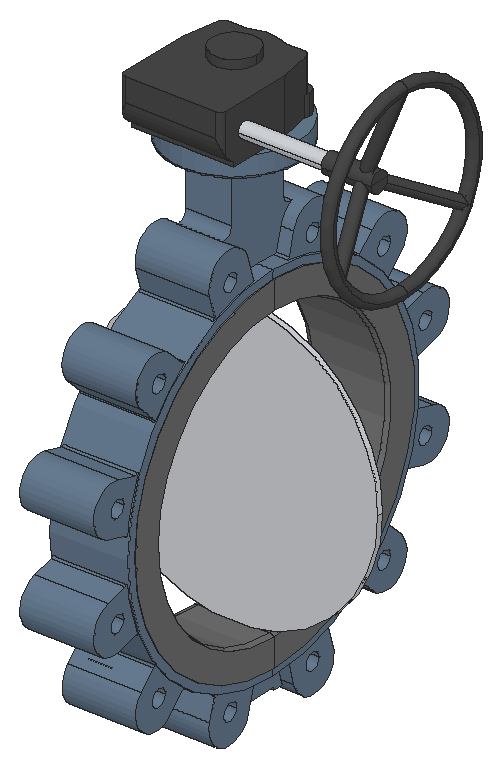
Revit family "Запорно-регулирующая заслонка с ручным редукторным приводом AF-4219", category Rohrzubehör, Revit 2020 (continued)
Dimensions and locks
  "D05": Revolve 6 sketch curve to plane 2
  "D04": Revolve 6 sketch curve to plane 2  (x2)
  "D02": Revolve 6 sketch curve to plane 2  (x2)
  "L03": plane 3 "Mitte (Links/rechts)" to Revolve 6 sketch curve
  "L02": Revolve 6 sketch curve to plane 3 "Mitte (Links/rechts)"
  "L03": Revolve 6 sketch curve to plane 3 "Mitte (Links/rechts)"
  "L01": plane 3 "Mitte (Links/rechts)" to Revolve 1 sketch curve
  "D02": Revolve 1 sketch curve to plane 2
  "L02": plane 3 "Mitte (Links/rechts)" to Revolve 6 sketch curve
  "D03": plane 2 to Revolve 6 sketch curve
  "L04": Revolve 6 sketch curve to plane 3 "Mitte (Links/rechts)" to Revolve 6 sketch curve
  "L01": curve 2 to plane 3 "Mitte (Links/rechts)" to curve 4
  equal spacing: curve 3, curve 6, curve 1
  equal spacing: curve 2, curve 6, curve 4
  "D01": curve 1 to plane 1 "Mitte (Vorne/hinten)" to curve 3
  "L01": curve 7 to curve 12 to curve 9
  "D01": curve 10 to curve 12 to curve 8
  "R99": radius of Revolve 2 sketch curve
  "D06": radius of Extrusion 7 sketch curve
  radius of curve 6 = 5 mm
  radius of curve 12 = 5 mm
  aligned and locked: level to plane 2
Automatic sketch dimensions
  Extrusion 3 sketch curve to Extrusion 3 sketch curve = 0 mm  (x20)
  Extrusion 3 sketch curve to level = 0 mm
  Extrusion 3 sketch curve to plane 1 "Mitte (Vorne/hinten)" = 0 mm
  plane 1 "Mitte (Vorne/hinten)" to Extrusion 3 sketch curve = 18.495 mm  (x2)
  Extrusion 3 sketch curve to Extrusion 3 sketch curve = 1.414 mm  (x16)
  Extrusion 3 sketch curve to Extrusion 3 sketch curve = 12.265 mm  (x8)
  Extrusion 3 sketch curve to level = 19.909 mm  (x2)
  Extrusion 3 sketch curve to Extrusion 3 sketch curve = 24.042 mm  (x8)
  level to Extrusion 3 sketch curve = 19.909 mm  (x2)
  Extrusion 3 sketch curve to Extrusion 3 sketch curve = 12.021 mm  (x12)
  Extrusion 3 sketch curve to plane 1 "Mitte (Vorne/hinten)" = 18.495 mm  (x2)
  Extrusion 3 sketch curve to Extrusion 3 sketch curve = 0.934 mm  (x4)
  Extrusion 4 sketch curve to level = 0 mm
  Extrusion 4 sketch curve to plane 1 "Mitte (Vorne/hinten)" = 0 mm
  plane 1 "Mitte (Vorne/hinten)" to Extrusion 4 sketch curve = 18.495 mm
  Extrusion 4 sketch curve to Extrusion 4 sketch curve = 1.414 mm  (x4)
  plane 1 "Mitte (Vorne/hinten)" to Extrusion 4 sketch curve = 20 mm
  Extrusion 4 sketch curve to Extrusion 4 sketch curve = 12.265 mm  (x2)
  Extrusion 4 sketch curve to Extrusion 4 sketch curve = 15 mm  (x2)
  Extrusion 4 sketch curve to Extrusion 4 sketch curve = 12.021 mm  (x4)
  Extrusion 4 sketch curve to plane 1 "Mitte (Vorne/hinten)" = 18.495 mm
  Extrusion 4 sketch curve to plane 1 "Mitte (Vorne/hinten)" = 20 mm
  level to Extrusion 4 sketch curve = 43.95 mm
  Extrusion 4 sketch curve to Extrusion 4 sketch curve = 0 mm
  Extrusion 4 sketch curve to Extrusion 4 sketch curve = 0.244 mm  (x2)
  Extrusion 4 sketch curve to Extrusion 4 sketch curve = 18.63 mm  (x2)
  Extrusion 4 sketch curve to Extrusion 4 sketch curve = 0.934 mm
  Extrusion 5 sketch curve to level = 0 mm
  Extrusion 5 sketch curve to plane 1 "Mitte (Vorne/hinten)" = 0 mm
  plane 1 "Mitte (Vorne/hinten)" to Extrusion 5 sketch curve = 15 mm
  Extrusion 5 sketch curve to Extrusion 5 sketch curve = 1.963 mm  (x2)
  Extrusion 5 sketch curve to Extrusion 5 sketch curve = 1.531 mm  (x2)
  Extrusion 5 sketch curve to Extrusion 5 sketch curve = 1.414 mm  (x4)
  Extrusion 5 sketch curve to Extrusion 5 sketch curve = 15.21 mm  (x2)
  Extrusion 5 sketch curve to Extrusion 5 sketch curve = 1.66 mm  (x2)
  Extrusion 5 sketch curve to Extrusion 5 sketch curve = 12.021 mm  (x3)
  Extrusion 5 sketch curve to plane 1 "Mitte (Vorne/hinten)" = 15 mm
  Extrusion 5 sketch curve to Extrusion 5 sketch curve = 1.037 mm  (x2)
  Extrusion 5 sketch curve to Extrusion 5 sketch curve = 1.4 mm  (x2)
  Extrusion 5 sketch curve to Extrusion 5 sketch curve = 1.785 mm  (x2)
  Extrusion 5 sketch curve to Extrusion 5 sketch curve = 12.635 mm  (x2)
  Extrusion 5 sketch curve to Extrusion 5 sketch curve = 0.934 mm
  Extrusion 5 sketch curve to Extrusion 5 sketch curve = 0.788 mm  (x2)
  Extrusion 5 sketch curve to Extrusion 5 sketch curve = 0 mm  (x2)
  Extrusion 4 sketch curve to Extrusion 4 sketch curve = 37.155 mm
  Extrusion 5 sketch curve to level = 43.95 mm
  Extrusion 8 sketch curve to Extrusion 8 sketch curve = 0 mm  (x12)
  Extrusion 8 sketch curve to level = 39.244 mm  (x2)
  plane 1 "Mitte (Vorne/hinten)" to Extrusion 8 sketch curve = 63.286 mm
  level to Extrusion 8 sketch curve = 39.244 mm  (x2)
  Extrusion 8 sketch curve to Extrusion 8 sketch curve = 9.19 mm  (x2)
  level to Extrusion 8 sketch curve = 28.614 mm  (x2)
  Extrusion 8 sketch curve to Extrusion 8 sketch curve = 1.441 mm  (x8)
  Extrusion 8 sketch curve to level = 28.614 mm  (x2)
  Extrusion 8 sketch curve to Extrusion 8 sketch curve = 12.021 mm  (x6)
  level to Extrusion 8 sketch curve = 63.286 mm  (x2)
  Extrusion 8 sketch curve to level = 63.286 mm  (x2)
  level to Extrusion 8 sketch curve = 52.636 mm  (x2)
  Extrusion 8 sketch curve to Extrusion 8 sketch curve = 10.65 mm  (x4)
  Extrusion 8 sketch curve to level = 52.636 mm  (x2)
  Extrusion 8 sketch curve to Extrusion 8 sketch curve = 1.414 mm  (x8)
  level to Extrusion 8 sketch curve = 0.001 mm  (x2)
  Extrusion 8 sketch curve to Extrusion 8 sketch curve = 28.594 mm
  Extrusion 8 sketch curve to level = 0.001 mm  (x2)
  Extrusion 8 sketch curve to Extrusion 8 sketch curve = 0.001 mm  (x2)
  Extrusion 8 sketch curve to Extrusion 8 sketch curve = 54.361 mm  (x2)
  Extrusion 8 sketch curve to Extrusion 8 sketch curve = 1.39 mm  (x2)
  Extrusion 8 sketch curve to Extrusion 8 sketch curve = 10.63 mm  (x2)
  Extrusion 8 sketch curve to Extrusion 8 sketch curve = 1.832 mm  (x2)
  Extrusion 9 sketch curve to Extrusion 9 sketch curve = 0 mm  (x5)
  Extrusion 9 sketch curve to level = 0 mm
  Extrusion 9 sketch curve to level = 51.265 mm
  plane 1 "Mitte (Vorne/hinten)" to Extrusion 9 sketch curve = 51.265 mm
  level to Extrusion 9 sketch curve = 51.265 mm
  Extrusion 9 sketch curve to Extrusion 9 sketch curve = 9.247 mm  (x3)
  Extrusion 9 sketch curve to level = 63.286 mm  (x2)
  Extrusion 9 sketch curve to Extrusion 9 sketch curve = 2.774 mm  (x4)
  level to Extrusion 9 sketch curve = 63.286 mm  (x2)
  Extrusion 9 sketch curve to Extrusion 9 sketch curve = 2.244 mm  (x2)
  Extrusion 9 sketch curve to Extrusion 9 sketch curve = 0.183 mm  (x2)
  level to Extrusion 9 sketch curve = 52.636 mm  (x2)
  Extrusion 9 sketch curve to Extrusion 9 sketch curve = 10.65 mm  (x3)
  Extrusion 9 sketch curve to level = 52.636 mm  (x2)
  Extrusion 9 sketch curve to Extrusion 9 sketch curve = 1.414 mm  (x8)
  Extrusion 9 sketch curve to Extrusion 9 sketch curve = 14.817 mm  (x2)
  Extrusion 9 sketch curve to Extrusion 9 sketch curve = 7.21 mm
  Extrusion 9 sketch curve to Extrusion 9 sketch curve = 1.971 mm
  Extrusion 9 sketch curve to Extrusion 9 sketch curve = 28.595 mm
  Extrusion 9 sketch curve to Extrusion 9 sketch curve = 36 mm
  Extrusion 9 sketch curve to Extrusion 9 sketch curve = 1.997 mm
  Extrusion 9 sketch curve to Extrusion 9 sketch curve = 44 mm
  Extrusion 9 sketch curve to Extrusion 9 sketch curve = 5.181 mm
  Extrusion 9 sketch curve to Extrusion 9 sketch curve = 7.184 mm
  Extrusion 9 sketch curve to Extrusion 9 sketch curve = 12.021 mm  (x2)
  Extrusion 9 sketch curve to Extrusion 9 sketch curve = 14.891 mm
  Extrusion 9 sketch curve to Extrusion 9 sketch curve = 6.473 mm
  Extrusion 9 sketch curve to Extrusion 9 sketch curve = 12.756 mm  (x2)
  Extrusion 9 sketch curve to Extrusion 9 sketch curve = 55.987 mm
  Extrusion 10 sketch curve to Extrusion 10 sketch curve = 0 mm  (x48)
  level to Extrusion 10 sketch curve = 14.909 mm  (x2)
  plane 1 "Mitte (Vorne/hinten)" to Extrusion 10 sketch curve = 80.416 mm
  Extrusion 10 sketch curve to level = 14.909 mm  (x2)
  Extrusion 10 sketch curve to Extrusion 10 sketch curve = 6.506 mm  (x6)
  Extrusion 10 sketch curve to level = 46.321 mm  (x2)
  level to Extrusion 10 sketch curve = 46.321 mm  (x2)
  Extrusion 10 sketch curve to level = 7.243 mm
  Extrusion 10 sketch curve to Extrusion 10 sketch curve = 13.321 mm
  level to Extrusion 10 sketch curve = 7.243 mm
  Extrusion 10 sketch curve to level = 9.076 mm  (x2)
  Extrusion 10 sketch curve to Extrusion 10 sketch curve = 0.759 mm  (x8)
  level to Extrusion 10 sketch curve = 9.076 mm  (x2)
  level to Extrusion 10 sketch curve = 40.487 mm  (x2)
  Extrusion 10 sketch curve to Extrusion 10 sketch curve = 14.082 mm  (x4)
  Extrusion 10 sketch curve to level = 40.487 mm  (x2)
  Extrusion 10 sketch curve to Extrusion 10 sketch curve = 0.758 mm  (x8)
  level to Extrusion 10 sketch curve = 67.405 mm  (x2)
  Extrusion 10 sketch curve to Extrusion 10 sketch curve = 6.243 mm  (x2)
  Extrusion 10 sketch curve to level = 67.405 mm  (x2)
  Extrusion 10 sketch curve to Extrusion 10 sketch curve = 10.245 mm  (x4)
  level to Extrusion 10 sketch curve = 53.322 mm  (x2)
  Extrusion 10 sketch curve to Extrusion 10 sketch curve = 1.831 mm  (x8)
  Extrusion 10 sketch curve to level = 53.322 mm  (x2)
  Extrusion 10 sketch curve to Extrusion 10 sketch curve = 15.706 mm  (x6)
  level to Extrusion 10 sketch curve = 80.416 mm  (x2)
  Extrusion 10 sketch curve to level = 80.416 mm  (x2)
  Extrusion 10 sketch curve to level = 66.335 mm  (x2)
  Extrusion 10 sketch curve to Extrusion 10 sketch curve = 5.832 mm  (x4)
  level to Extrusion 10 sketch curve = 66.335 mm  (x2)
  Extrusion 10 sketch curve to Extrusion 10 sketch curve = 1.833 mm  (x6)
  level to Extrusion 10 sketch curve = 0 mm
  Extrusion 10 sketch curve to Extrusion 10 sketch curve = 14.486 mm  (x2)
  Extrusion 10 sketch curve to Extrusion 10 sketch curve = 9.873 mm  (x2)
  Extrusion 10 sketch curve to Extrusion 10 sketch curve = 5.833 mm  (x2)
  Extrusion 10 sketch curve to Extrusion 10 sketch curve = 13.013 mm
  Extrusion 10 sketch curve to Extrusion 10 sketch curve = 14.081 mm  (x2)
  Extrusion 10 sketch curve to Extrusion 10 sketch curve = 1.973 mm  (x4)
  Extrusion 10 sketch curve to Extrusion 10 sketch curve = 1.544 mm  (x4)
  Extrusion 10 sketch curve to Extrusion 10 sketch curve = 1.243 mm  (x3)
  Extrusion 10 sketch curve to Extrusion 10 sketch curve = 0.211 mm  (x2)
  Extrusion 10 sketch curve to Extrusion 10 sketch curve = 0.002 mm  (x5)
  Extrusion 10 sketch curve to Extrusion 10 sketch curve = 0.213 mm  (x2)
  Extrusion 10 sketch curve to Extrusion 10 sketch curve = 41.076 mm
  Extrusion 10 sketch curve to level = 0 mm
  level to Extrusion 11 sketch curve = 100.814 mm
  plane 1 "Mitte (Vorne/hinten)" to Extrusion 11 sketch curve = 32 mm
  Extrusion 11 sketch curve to Extrusion 11 sketch curve = 1.385 mm
  Extrusion 11 sketch curve to Extrusion 11 sketch curve = 10 mm  (x2)
  Extrusion 11 sketch curve to level = 80.416 mm
  Extrusion 11 sketch curve to Extrusion 11 sketch curve = 15.706 mm  (x3)
  level to Extrusion 11 sketch curve = 80.416 mm  (x2)
  Extrusion 11 sketch curve to Extrusion 11 sketch curve = 1.409 mm
  Extrusion 11 sketch curve to level = 66.335 mm  (x2)
  Extrusion 11 sketch curve to Extrusion 11 sketch curve = 5.832 mm  (x3)
  level to Extrusion 11 sketch curve = 66.335 mm  (x2)
  Extrusion 11 sketch curve to Extrusion 11 sketch curve = 1.833 mm  (x4)
  level to Extrusion 11 sketch curve = 0.554 mm
  Extrusion 11 sketch curve to Extrusion 11 sketch curve = 9.076 mm
  Extrusion 11 sketch curve to level = 0.554 mm
  Extrusion 11 sketch curve to Extrusion 11 sketch curve = 0 mm  (x3)
  Extrusion 11 sketch curve to Extrusion 11 sketch curve = 14.486 mm  (x2)
  Extrusion 11 sketch curve to Extrusion 11 sketch curve = 44 mm
  Extrusion 11 sketch curve to Extrusion 11 sketch curve = 0.759 mm  (x4)
  Extrusion 11 sketch curve to Extrusion 11 sketch curve = 6.506 mm
  Extrusion 11 sketch curve to Extrusion 11 sketch curve = 42.686 mm
  Extrusion 11 sketch curve to level = 80.371 mm
  Extrusion 11 sketch curve to Extrusion 11 sketch curve = 1.39 mm
  Extrusion 11 sketch curve to Extrusion 11 sketch curve = 27 mm
  Extrusion 12 sketch curve to Extrusion 12 sketch curve = 0 mm  (x40)
  Extrusion 12 sketch curve to level = 0 mm
  level to Extrusion 12 sketch curve = 18.736 mm  (x2)
  plane 1 "Mitte (Vorne/hinten)" to Extrusion 12 sketch curve = 89.655 mm
  Extrusion 12 sketch curve to level = 18.736 mm  (x2)
  Extrusion 12 sketch curve to Extrusion 12 sketch curve = 6.506 mm  (x6)
  Extrusion 12 sketch curve to level = 50.147 mm  (x2)
  level to Extrusion 12 sketch curve = 50.147 mm  (x2)
  Extrusion 12 sketch curve to Extrusion 12 sketch curve = 13.415 mm  (x2)
  Extrusion 12 sketch curve to level = 12.858 mm  (x2)
  Extrusion 12 sketch curve to Extrusion 12 sketch curve = 0.776 mm  (x8)
  level to Extrusion 12 sketch curve = 12.858 mm  (x2)
  Extrusion 12 sketch curve to level = 44.269 mm  (x2)
  Extrusion 12 sketch curve to Extrusion 12 sketch curve = 14.192 mm  (x4)
  level to Extrusion 12 sketch curve = 44.269 mm  (x2)
  Extrusion 12 sketch curve to Extrusion 12 sketch curve = 0.775 mm  (x8)
  level to Extrusion 12 sketch curve = 76.644 mm  (x2)
  Extrusion 12 sketch curve to Extrusion 12 sketch curve = 11.529 mm  (x2)
  Extrusion 12 sketch curve to level = 76.644 mm  (x2)
  Extrusion 12 sketch curve to Extrusion 12 sketch curve = 4.008 mm  (x2)
  level to Extrusion 12 sketch curve = 62.451 mm  (x2)
  Extrusion 12 sketch curve to Extrusion 12 sketch curve = 1.871 mm  (x8)
  Extrusion 12 sketch curve to level = 62.451 mm  (x2)
  Extrusion 12 sketch curve to Extrusion 12 sketch curve = 15.706 mm  (x6)
  level to Extrusion 12 sketch curve = 89.655 mm  (x2)
  Extrusion 12 sketch curve to level = 89.655 mm  (x2)
  Extrusion 12 sketch curve to level = 75.464 mm  (x2)
  Extrusion 12 sketch curve to Extrusion 12 sketch curve = 5.878 mm  (x4)
  level to Extrusion 12 sketch curve = 75.464 mm  (x2)
  Extrusion 12 sketch curve to Extrusion 12 sketch curve = 1.873 mm  (x8)
  Extrusion 12 sketch curve to Extrusion 12 sketch curve = 21.969 mm  (x2)
  Extrusion 12 sketch curve to Extrusion 12 sketch curve = 9.827 mm  (x2)
  Extrusion 12 sketch curve to Extrusion 12 sketch curve = 5.879 mm  (x2)
  Extrusion 12 sketch curve to Extrusion 12 sketch curve = 15.537 mm  (x2)
  Extrusion 12 sketch curve to Extrusion 12 sketch curve = 13.013 mm
  Extrusion 12 sketch curve to Extrusion 12 sketch curve = 14.19 mm  (x2)
  Extrusion 12 sketch curve to Extrusion 12 sketch curve = 44.269 mm
  Extrusion 13 sketch curve to Extrusion 13 sketch curve = 0 mm  (x5)
  Extrusion 13 sketch curve to level = 0 mm
  level to Extrusion 13 sketch curve = 114.47 mm
  plane 1 "Mitte (Vorne/hinten)" to Extrusion 13 sketch curve = 41 mm
  Extrusion 13 sketch curve to level = 83.149 mm
  Extrusion 13 sketch curve to Extrusion 13 sketch curve = 6.558 mm  (x2)
  Extrusion 13 sketch curve to Extrusion 13 sketch curve = 15 mm  (x2)
  level to Extrusion 13 sketch curve = 89.655 mm  (x2)
  Extrusion 13 sketch curve to Extrusion 13 sketch curve = 15.706 mm  (x2)
  Extrusion 13 sketch curve to Extrusion 13 sketch curve = 5.236 mm  (x2)
  level to Extrusion 13 sketch curve = 75.464 mm  (x2)
  Extrusion 13 sketch curve to Extrusion 13 sketch curve = 5.878 mm  (x3)
  Extrusion 13 sketch curve to level = 75.464 mm  (x2)
  Extrusion 13 sketch curve to Extrusion 13 sketch curve = 1.873 mm  (x4)
  Extrusion 13 sketch curve to Extrusion 13 sketch curve = 12.858 mm
  Extrusion 13 sketch curve to Extrusion 13 sketch curve = 21.969 mm
  Extrusion 13 sketch curve to Extrusion 13 sketch curve = 3.345 mm
  Extrusion 13 sketch curve to Extrusion 13 sketch curve = 3 mm  (x2)
  Extrusion 13 sketch curve to Extrusion 13 sketch curve = 6.506 mm  (x3)
  Extrusion 13 sketch curve to Extrusion 13 sketch curve = 0.776 mm  (x4)
  Extrusion 13 sketch curve to Extrusion 13 sketch curve = 31.321 mm
  Extrusion 13 sketch curve to Extrusion 13 sketch curve = 52.53 mm
  Extrusion 13 sketch curve to Extrusion 13 sketch curve = 11.129 mm  (x2)
  Extrusion 13 sketch curve to Extrusion 13 sketch curve = 9.812 mm  (x2)
  Extrusion 13 sketch curve to Extrusion 13 sketch curve = 3.078 mm
  Extrusion 13 sketch curve to Extrusion 13 sketch curve = 21.68 mm
  Extrusion 13 sketch curve to Extrusion 13 sketch curve = 2.515 mm
  Extrusion 13 sketch curve to Extrusion 13 sketch curve = 52 mm
  Extrusion 14 sketch curve to Extrusion 14 sketch curve = 0 mm  (x22)
  Extrusion 14 sketch curve to level = 24.476 mm  (x2)
  plane 1 "Mitte (Vorne/hinten)" to Extrusion 14 sketch curve = 103.513 mm
  level to Extrusion 14 sketch curve = 24.476 mm  (x2)
  Extrusion 14 sketch curve to Extrusion 14 sketch curve = 6.506 mm  (x6)
  Extrusion 14 sketch curve to Extrusion 14 sketch curve = 11.623 mm  (x2)
  Extrusion 14 sketch curve to level = 19.351 mm  (x2)
  Extrusion 14 sketch curve to Extrusion 14 sketch curve = 0.749 mm  (x8)
  level to Extrusion 14 sketch curve = 19.351 mm  (x2)
  Extrusion 14 sketch curve to level = 55.888 mm  (x2)
  level to Extrusion 14 sketch curve = 55.888 mm  (x2)
  Extrusion 14 sketch curve to level = 50.783 mm  (x2)
  Extrusion 14 sketch curve to Extrusion 14 sketch curve = 12.323 mm  (x4)
  level to Extrusion 14 sketch curve = 50.783 mm  (x2)
  Extrusion 14 sketch curve to Extrusion 14 sketch curve = 0.774 mm  (x8)
  level to Extrusion 14 sketch curve = 90.502 mm  (x2)
  Extrusion 14 sketch curve to Extrusion 14 sketch curve = 21.517 mm  (x2)
  Extrusion 14 sketch curve to level = 90.502 mm  (x2)
  Extrusion 14 sketch curve to Extrusion 14 sketch curve = 3.235 mm  (x2)
  Extrusion 14 sketch curve to level = 78.179 mm  (x2)
  Extrusion 14 sketch curve to Extrusion 14 sketch curve = 1.869 mm  (x8)
  level to Extrusion 14 sketch curve = 78.179 mm  (x2)
  Extrusion 14 sketch curve to Extrusion 14 sketch curve = 15.706 mm  (x6)
  level to Extrusion 14 sketch curve = 103.513 mm  (x2)
  Extrusion 14 sketch curve to level = 103.513 mm  (x2)
  level to Extrusion 14 sketch curve = 91.141 mm  (x2)
  Extrusion 14 sketch curve to Extrusion 14 sketch curve = 5.125 mm  (x4)
  Extrusion 14 sketch curve to level = 91.141 mm  (x2)
  Extrusion 14 sketch curve to Extrusion 14 sketch curve = 1.809 mm  (x8)
  Extrusion 14 sketch curve to level = 0.103 mm  (x2)
  Extrusion 14 sketch curve to Extrusion 14 sketch curve = 90.896 mm
  level to Extrusion 14 sketch curve = 0.103 mm  (x2)
  Extrusion 14 sketch curve to Extrusion 14 sketch curve = 0.142 mm  (x7)
  Extrusion 14 sketch curve to Extrusion 14 sketch curve = 0.207 mm  (x2)
  Extrusion 14 sketch curve to Extrusion 14 sketch curve = 35.084 mm  (x2)
  Extrusion 14 sketch curve to Extrusion 14 sketch curve = 10.601 mm  (x2)
  Extrusion 14 sketch curve to Extrusion 14 sketch curve = 5.104 mm  (x2)
  Extrusion 14 sketch curve to Extrusion 14 sketch curve = 24.752 mm  (x2)
  Extrusion 14 sketch curve to Extrusion 14 sketch curve = 12.962 mm  (x2)
  Extrusion 14 sketch curve to Extrusion 14 sketch curve = 12.372 mm  (x2)
  Extrusion 14 sketch curve to level = 0.245 mm
  Extrusion 14 sketch curve to Extrusion 14 sketch curve = 1.933 mm  (x2)
  Extrusion 14 sketch curve to Extrusion 14 sketch curve = 0.314 mm  (x2)
  level to Extrusion 15 sketch curve = 97.007 mm
  plane 1 "Mitte (Vorne/hinten)" to Extrusion 15 sketch curve = 40.182 mm
  Extrusion 15 sketch curve to level = 97.007 mm
  Extrusion 15 sketch curve to Extrusion 15 sketch curve = 0 mm  (x7)
  Extrusion 15 sketch curve to Extrusion 15 sketch curve = 4.132 mm
  Extrusion 15 sketch curve to Extrusion 15 sketch curve = 10.048 mm  (x2)
  Extrusion 15 sketch curve to Extrusion 15 sketch curve = 15.706 mm  (x3)
  level to Extrusion 15 sketch curve = 103.513 mm  (x2)
  level to Extrusion 15 sketch curve = 91.141 mm  (x2)
  Extrusion 15 sketch curve to Extrusion 15 sketch curve = 5.125 mm  (x3)
  Extrusion 15 sketch curve to level = 91.141 mm  (x2)
  Extrusion 15 sketch curve to Extrusion 15 sketch curve = 1.809 mm  (x4)
  Extrusion 15 sketch curve to Extrusion 15 sketch curve = 10.974 mm  (x2)
  Extrusion 15 sketch curve to level = 0.111 mm
  Extrusion 15 sketch curve to Extrusion 15 sketch curve = 19.35 mm
  level to Extrusion 15 sketch curve = 0.111 mm
  Extrusion 15 sketch curve to Extrusion 15 sketch curve = 35.081 mm
  Extrusion 15 sketch curve to Extrusion 15 sketch curve = 4.041 mm
  Extrusion 15 sketch curve to level = 103.513 mm
  Extrusion 15 sketch curve to Extrusion 15 sketch curve = 9.998 mm  (x2)
  Extrusion 15 sketch curve to Extrusion 15 sketch curve = 3 mm
  Extrusion 15 sketch curve to Extrusion 15 sketch curve = 6.505 mm  (x2)
  Extrusion 15 sketch curve to Extrusion 15 sketch curve = 0.749 mm  (x4)
  Extrusion 15 sketch curve to Extrusion 15 sketch curve = 20.176 mm  (x2)
  Extrusion 15 sketch curve to Extrusion 15 sketch curve = 62.311 mm
  Extrusion 15 sketch curve to Extrusion 15 sketch curve = 0.048 mm
  Extrusion 15 sketch curve to Extrusion 15 sketch curve = 11.626 mm  (x2)
  Extrusion 15 sketch curve to Extrusion 15 sketch curve = 27 mm
  Extrusion 15 sketch curve to Extrusion 15 sketch curve = 52 mm
  Extrusion 16 sketch curve to Extrusion 16 sketch curve = 0 mm  (x23)
  Extrusion 16 sketch curve to level = 26.521 mm  (x2)
  plane 1 "Mitte (Vorne/hinten)" to Extrusion 16 sketch curve = 118.902 mm
  level to Extrusion 16 sketch curve = 26.521 mm  (x2)
  Extrusion 16 sketch curve to Extrusion 16 sketch curve = 8.036 mm  (x6)
  Extrusion 16 sketch curve to Extrusion 16 sketch curve = 15.875 mm  (x2)
  level to Extrusion 16 sketch curve = 65.323 mm  (x2)
  Extrusion 16 sketch curve to level = 65.323 mm  (x2)
  level to Extrusion 16 sketch curve = 19.621 mm  (x2)
  Extrusion 16 sketch curve to Extrusion 16 sketch curve = 0.782 mm  (x8)
  Extrusion 16 sketch curve to level = 19.621 mm  (x2)
  Extrusion 16 sketch curve to level = 58.409 mm  (x2)
  Extrusion 16 sketch curve to Extrusion 16 sketch curve = 16.693 mm  (x4)
  level to Extrusion 16 sketch curve = 58.409 mm  (x2)
  Extrusion 16 sketch curve to Extrusion 16 sketch curve = 0.763 mm  (x8)
  Extrusion 16 sketch curve to level = 102.829 mm  (x2)
  Extrusion 16 sketch curve to Extrusion 16 sketch curve = 20.05 mm  (x2)
  level to Extrusion 16 sketch curve = 102.829 mm  (x2)
  Extrusion 16 sketch curve to Extrusion 16 sketch curve = 5.074 mm  (x2)
  level to Extrusion 16 sketch curve = 86.136 mm  (x2)
  Extrusion 16 sketch curve to Extrusion 16 sketch curve = 1.841 mm  (x8)
  Extrusion 16 sketch curve to level = 86.136 mm  (x2)
  Extrusion 16 sketch curve to Extrusion 16 sketch curve = 19.401 mm  (x6)
  level to Extrusion 16 sketch curve = 118.902 mm  (x2)
  Extrusion 16 sketch curve to level = 118.902 mm  (x2)
  level to Extrusion 16 sketch curve = 102.246 mm  (x2)
  Extrusion 16 sketch curve to Extrusion 16 sketch curve = 6.899 mm  (x4)
  Extrusion 16 sketch curve to level = 102.246 mm  (x2)
  Extrusion 16 sketch curve to Extrusion 16 sketch curve = 1.887 mm  (x8)
  level to Extrusion 16 sketch curve = 0.002 mm  (x2)
  Extrusion 16 sketch curve to Extrusion 16 sketch curve = 86.133 mm
  Extrusion 16 sketch curve to level = 0.002 mm
  Extrusion 16 sketch curve to Extrusion 16 sketch curve = 0.001 mm  (x8)
  Extrusion 16 sketch curve to Extrusion 16 sketch curve = 35.469 mm  (x2)
  Extrusion 16 sketch curve to Extrusion 16 sketch curve = 12.487 mm  (x2)
  Extrusion 16 sketch curve to Extrusion 16 sketch curve = 6.914 mm  (x2)
  Extrusion 16 sketch curve to Extrusion 16 sketch curve = 25.124 mm  (x2)
  Extrusion 16 sketch curve to Extrusion 16 sketch curve = 16.11 mm
  Extrusion 16 sketch curve to Extrusion 16 sketch curve = 16.656 mm  (x2)
  Extrusion 16 sketch curve to level = 0.003 mm
  Extrusion 16 sketch curve to Extrusion 16 sketch curve = 2.019 mm  (x2)
  Extrusion 16 sketch curve to Extrusion 16 sketch curve = 0.309 mm  (x2)
  Extrusion 16 sketch curve to Extrusion 16 sketch curve = 0.004 mm  (x2)
  Extrusion 17 sketch curve to Extrusion 17 sketch curve = 0 mm  (x7)
  Extrusion 17 sketch curve to level = 0 mm
  Extrusion 17 sketch curve to plane 1 "Mitte (Vorne/hinten)" = 0 mm
  plane 1 "Mitte (Vorne/hinten)" to Extrusion 17 sketch curve = 13.5 mm
  plane 1 "Mitte (Vorne/hinten)" to Extrusion 17 sketch curve = 17.734 mm  (x2)
  Extrusion 17 sketch curve to Extrusion 17 sketch curve = 1.887 mm  (x4)
  plane 1 "Mitte (Vorne/hinten)" to Extrusion 17 sketch curve = 26 mm
  Extrusion 17 sketch curve to Extrusion 17 sketch curve = 0.521 mm
  Extrusion 17 sketch curve to Extrusion 17 sketch curve = 13.021 mm  (x2)
  Extrusion 17 sketch curve to Extrusion 17 sketch curve = 4.341 mm  (x2)
  Extrusion 17 sketch curve to Extrusion 17 sketch curve = 10 mm  (x2)
  Extrusion 17 sketch curve to Extrusion 17 sketch curve = 19.401 mm  (x4)
  Extrusion 17 sketch curve to plane 1 "Mitte (Vorne/hinten)" = 13.5 mm
  Extrusion 17 sketch curve to plane 1 "Mitte (Vorne/hinten)" = 17.734 mm  (x2)
  Extrusion 17 sketch curve to Extrusion 17 sketch curve = 6.899 mm
  Extrusion 17 sketch curve to level = 102.246 mm
  Extrusion 17 sketch curve to Extrusion 17 sketch curve = 0.782 mm  (x4)
  Extrusion 17 sketch curve to Extrusion 17 sketch curve = 8.62 mm  (x4)
  Extrusion 17 sketch curve to Extrusion 17 sketch curve = 16.656 mm  (x4)
  Extrusion 17 sketch curve to Extrusion 17 sketch curve = 3 mm
  level to Extrusion 17 sketch curve = 102.246 mm
  Extrusion 17 sketch curve to Extrusion 17 sketch curve = 16.098 mm  (x2)
  Extrusion 17 sketch curve to Extrusion 17 sketch curve = 64 mm
  Extrusion 17 sketch curve to Extrusion 17 sketch curve = 4.938 mm
  Extrusion 18 sketch curve to Extrusion 18 sketch curve = 0 mm  (x62)
  Extrusion 18 sketch curve to level = 0 mm
  Extrusion 18 sketch curve to level = 17.891 mm  (x2)
  plane 1 "Mitte (Vorne/hinten)" to Extrusion 18 sketch curve = 147.909 mm
  level to Extrusion 18 sketch curve = 17.891 mm  (x2)
  Extrusion 18 sketch curve to Extrusion 18 sketch curve = 5.435 mm  (x6)
  Extrusion 18 sketch curve to level = 58.46 mm  (x2)
  level to Extrusion 18 sketch curve = 58.46 mm  (x2)
  Extrusion 18 sketch curve to Extrusion 18 sketch curve = 15.462 mm  (x2)
  level to Extrusion 18 sketch curve = 13.612 mm  (x2)
  Extrusion 18 sketch curve to Extrusion 18 sketch curve = 0.509 mm  (x8)
  Extrusion 18 sketch curve to level = 13.612 mm  (x2)
  Extrusion 18 sketch curve to level = 54.199 mm  (x2)
  Extrusion 18 sketch curve to Extrusion 18 sketch curve = 15.903 mm  (x4)
  level to Extrusion 18 sketch curve = 54.199 mm  (x2)
  Extrusion 18 sketch curve to Extrusion 18 sketch curve = 0.53 mm  (x8)
  Extrusion 18 sketch curve to level = 89.449 mm  (x2)
  Extrusion 18 sketch curve to Extrusion 18 sketch curve = 1.459 mm  (x2)
  level to Extrusion 18 sketch curve = 89.449 mm  (x2)
  Extrusion 18 sketch curve to Extrusion 18 sketch curve = 10.302 mm  (x2)
  Extrusion 18 sketch curve to level = 77.758 mm  (x2)
  Extrusion 18 sketch curve to Extrusion 18 sketch curve = 1.389 mm  (x8)
  level to Extrusion 18 sketch curve = 77.758 mm  (x2)
  Extrusion 18 sketch curve to Extrusion 18 sketch curve = 14.849 mm  (x6)
  Extrusion 18 sketch curve to level = 119.147 mm  (x2)
  level to Extrusion 18 sketch curve = 119.147 mm  (x2)
  level to Extrusion 18 sketch curve = 107.506 mm  (x2)
  Extrusion 18 sketch curve to Extrusion 18 sketch curve = 11.642 mm  (x4)
  Extrusion 18 sketch curve to level = 107.506 mm  (x2)
  Extrusion 18 sketch curve to Extrusion 18 sketch curve = 1.448 mm  (x8)
  level to Extrusion 18 sketch curve = 137.039 mm  (x2)
  Extrusion 18 sketch curve to Extrusion 18 sketch curve = 17.899 mm  (x2)
  Extrusion 18 sketch curve to level = 137.039 mm  (x2)
  Extrusion 18 sketch curve to Extrusion 18 sketch curve = 2.283 mm  (x2)
  Extrusion 18 sketch curve to level = 121.136 mm  (x2)
  Extrusion 18 sketch curve to Extrusion 18 sketch curve = 1.978 mm  (x8)
  level to Extrusion 18 sketch curve = 121.136 mm  (x2)
  Extrusion 18 sketch curve to Extrusion 18 sketch curve = 20.284 mm  (x6)
  Extrusion 18 sketch curve to level = 147.909 mm  (x2)
  level to Extrusion 18 sketch curve = 147.909 mm  (x2)
  level to Extrusion 18 sketch curve = 131.939 mm  (x2)
  Extrusion 18 sketch curve to Extrusion 18 sketch curve = 4.279 mm  (x4)
  Extrusion 18 sketch curve to level = 131.939 mm  (x2)
  Extrusion 18 sketch curve to Extrusion 18 sketch curve = 1.898 mm  (x8)
  Extrusion 18 sketch curve to Extrusion 18 sketch curve = 13.612 mm
  Extrusion 18 sketch curve to Extrusion 18 sketch curve = 23.429 mm  (x2)
  Extrusion 18 sketch curve to Extrusion 18 sketch curve = 16.023 mm  (x2)
  Extrusion 18 sketch curve to Extrusion 18 sketch curve = 4.261 mm  (x2)
  Extrusion 18 sketch curve to Extrusion 18 sketch curve = 20.183 mm  (x2)
  Extrusion 18 sketch curve to Extrusion 18 sketch curve = 3.158 mm  (x2)
  Extrusion 18 sketch curve to Extrusion 18 sketch curve = 11.691 mm  (x2)
  Extrusion 18 sketch curve to Extrusion 18 sketch curve = 11.76 mm  (x2)
  Extrusion 18 sketch curve to Extrusion 18 sketch curve = 10.803 mm
  Extrusion 18 sketch curve to Extrusion 18 sketch curve = 15.97 mm  (x2)
  Extrusion 19 sketch curve to Extrusion 19 sketch curve = 0 mm  (x5)
  Extrusion 19 sketch curve to level = 0 mm
  Extrusion 19 sketch curve to level = 142.474 mm
  plane 1 "Mitte (Vorne/hinten)" to Extrusion 19 sketch curve = 38.176 mm
  level to Extrusion 19 sketch curve = 142.474 mm
  Extrusion 19 sketch curve to Extrusion 19 sketch curve = 8.163 mm
  Extrusion 19 sketch curve to Extrusion 19 sketch curve = 2.013 mm  (x2)
  Extrusion 19 sketch curve to level = 147.909 mm
  Extrusion 19 sketch curve to Extrusion 19 sketch curve = 20.284 mm  (x3)
  level to Extrusion 19 sketch curve = 147.909 mm  (x2)
  Extrusion 19 sketch curve to Extrusion 19 sketch curve = 10.109 mm
  Extrusion 19 sketch curve to level = 131.939 mm  (x2)
  Extrusion 19 sketch curve to Extrusion 19 sketch curve = 4.279 mm  (x4)
  level to Extrusion 19 sketch curve = 131.939 mm  (x2)
  Extrusion 19 sketch curve to Extrusion 19 sketch curve = 1.898 mm  (x4)
  Extrusion 19 sketch curve to Extrusion 19 sketch curve = 13.612 mm
  Extrusion 19 sketch curve to Extrusion 19 sketch curve = 23.429 mm  (x2)
  Extrusion 19 sketch curve to Extrusion 19 sketch curve = 56 mm
  Extrusion 19 sketch curve to Extrusion 19 sketch curve = 5.435 mm  (x2)
  Extrusion 19 sketch curve to Extrusion 19 sketch curve = 0.509 mm  (x4)
  Extrusion 19 sketch curve to Extrusion 19 sketch curve = 16.081 mm  (x2)
  Extrusion 19 sketch curve to Extrusion 19 sketch curve = 66.01 mm
  Extrusion 19 sketch curve to Extrusion 19 sketch curve = 1.832 mm  (x2)
  Extrusion 19 sketch curve to Extrusion 19 sketch curve = 0.173 mm
  Extrusion 20 sketch curve to level = 22.097 mm  (x2)
  plane 1 "Mitte (Vorne/hinten)" to Extrusion 20 sketch curve = 177.618 mm
  level to Extrusion 20 sketch curve = 22.097 mm  (x2)
  Extrusion 20 sketch curve to Extrusion 20 sketch curve = 0 mm  (x17)
  Extrusion 20 sketch curve to Extrusion 20 sketch curve = 6.47 mm  (x4)
  Extrusion 20 sketch curve to Extrusion 20 sketch curve = 2.415 mm  (x8)
  level to Extrusion 20 sketch curve = 70.393 mm  (x2)
  Extrusion 20 sketch curve to level = 70.393 mm  (x2)
  Extrusion 20 sketch curve to Extrusion 20 sketch curve = 18.556 mm  (x2)
  Extrusion 20 sketch curve to level = 16.983 mm  (x2)
  Extrusion 20 sketch curve to Extrusion 20 sketch curve = 0.529 mm  (x16)
  level to Extrusion 20 sketch curve = 16.983 mm  (x2)
  level to Extrusion 20 sketch curve = 65.28 mm  (x2)
  Extrusion 20 sketch curve to Extrusion 20 sketch curve = 19.085 mm  (x6)
  Extrusion 20 sketch curve to level = 65.28 mm  (x2)
  Extrusion 20 sketch curve to level = 107.956 mm  (x2)
  Extrusion 20 sketch curve to Extrusion 20 sketch curve = 2.085 mm  (x2)
  level to Extrusion 20 sketch curve = 107.956 mm  (x2)
  Extrusion 20 sketch curve to Extrusion 20 sketch curve = 12.527 mm  (x2)
  level to Extrusion 20 sketch curve = 93.984 mm  (x2)
  Extrusion 20 sketch curve to Extrusion 20 sketch curve = 1.445 mm  (x16)
  Extrusion 20 sketch curve to level = 93.984 mm  (x2)
  Extrusion 20 sketch curve to Extrusion 20 sketch curve = 17.678 mm  (x4)
  Extrusion 20 sketch curve to Extrusion 20 sketch curve = 1.768 mm  (x8)
  level to Extrusion 20 sketch curve = 143.311 mm  (x2)
  Extrusion 20 sketch curve to level = 143.311 mm  (x2)
  Extrusion 20 sketch curve to level = 129.34 mm  (x2)
  Extrusion 20 sketch curve to Extrusion 20 sketch curve = 13.971 mm  (x6)
  level to Extrusion 20 sketch curve = 129.34 mm  (x2)
  level to Extrusion 20 sketch curve = 164.981 mm  (x2)
  Extrusion 20 sketch curve to Extrusion 20 sketch curve = 22.118 mm  (x2)
  Extrusion 20 sketch curve to level = 164.981 mm  (x2)
  Extrusion 20 sketch curve to Extrusion 20 sketch curve = 3.14 mm  (x2)
  level to Extrusion 20 sketch curve = 145.897 mm  (x2)
  Extrusion 20 sketch curve to Extrusion 20 sketch curve = 1.974 mm  (x8)
  Extrusion 20 sketch curve to level = 145.897 mm  (x2)
  Extrusion 20 sketch curve to Extrusion 20 sketch curve = 24.148 mm  (x4)
  Extrusion 20 sketch curve to Extrusion 20 sketch curve = 0.647 mm  (x8)
  level to Extrusion 20 sketch curve = 177.922 mm  (x2)
  Extrusion 20 sketch curve to level = 177.922 mm  (x2)
  level to Extrusion 20 sketch curve = 158.837 mm  (x2)
  Extrusion 20 sketch curve to Extrusion 20 sketch curve = 5.114 mm  (x6)
  Extrusion 20 sketch curve to level = 158.837 mm  (x2)
  Extrusion 20 sketch curve to Extrusion 20 sketch curve = 1.973 mm  (x8)
  Extrusion 20 sketch curve to level = 0.226 mm  (x2)
  Extrusion 20 sketch curve to Extrusion 20 sketch curve = 158.098 mm
  level to Extrusion 20 sketch curve = 0.226 mm
  level to Extrusion 20 sketch curve = 0.072 mm
  Extrusion 20 sketch curve to Extrusion 20 sketch curve = 0.128 mm  (x3)
  Extrusion 20 sketch curve to level = 0.072 mm
  Extrusion 20 sketch curve to Extrusion 20 sketch curve = 0.061 mm  (x4)
  Extrusion 20 sketch curve to level = 0.036 mm  (x2)
  Extrusion 20 sketch curve to Extrusion 20 sketch curve = 0.324 mm
  Extrusion 20 sketch curve to Extrusion 20 sketch curve = 29.244 mm  (x2)
  Extrusion 20 sketch curve to Extrusion 20 sketch curve = 23.501 mm  (x2)
  Extrusion 20 sketch curve to Extrusion 20 sketch curve = 19.681 mm  (x2)
  Extrusion 20 sketch curve to Extrusion 20 sketch curve = 25.258 mm  (x2)
  Extrusion 20 sketch curve to Extrusion 20 sketch curve = 15.91 mm  (x2)
  Extrusion 20 sketch curve to Extrusion 20 sketch curve = 5.474 mm  (x2)
  Extrusion 20 sketch curve to Extrusion 20 sketch curve = 14.612 mm  (x2)
  Extrusion 20 sketch curve to Extrusion 20 sketch curve = 12.94 mm
  Extrusion 20 sketch curve to Extrusion 20 sketch curve = 4.056 mm  (x2)
  Extrusion 20 sketch curve to Extrusion 20 sketch curve = 0.035 mm  (x2)
  level to Extrusion 20 sketch curve = 0.036 mm  (x2)
  Extrusion 20 sketch curve to Extrusion 20 sketch curve = 0.154 mm
  Extrusion 20 sketch curve to Extrusion 20 sketch curve = 2.037 mm  (x4)
  Extrusion 20 sketch curve to Extrusion 20 sketch curve = 1.856 mm  (x4)
  Extrusion 20 sketch curve to Extrusion 20 sketch curve = 1.841 mm  (x4)
  Extrusion 20 sketch curve to Extrusion 20 sketch curve = 1.179 mm  (x4)
  Extrusion 20 sketch curve to Extrusion 20 sketch curve = 0.856 mm  (x4)
  Extrusion 20 sketch curve to Extrusion 20 sketch curve = 0.153 mm  (x4)
  level to Extrusion 21 sketch curve = 171.452 mm
  plane 1 "Mitte (Vorne/hinten)" to Extrusion 21 sketch curve = 45.94 mm
  Extrusion 21 sketch curve to level = 171.452 mm
  Extrusion 21 sketch curve to Extrusion 21 sketch curve = 0 mm  (x2)
  Extrusion 21 sketch curve to Extrusion 21 sketch curve = 6.907 mm
  Extrusion 21 sketch curve to Extrusion 21 sketch curve = 11.901 mm
  Extrusion 21 sketch curve to Extrusion 21 sketch curve = 1.957 mm  (x2)
  Extrusion 21 sketch curve to level = 177.922 mm  (x2)
  Extrusion 21 sketch curve to Extrusion 21 sketch curve = 17.241 mm
  level to Extrusion 21 sketch curve = 177.922 mm  (x2)
  Extrusion 21 sketch curve to Extrusion 21 sketch curve = 10.291 mm  (x2)
  Extrusion 21 sketch curve to Extrusion 21 sketch curve = 0.709 mm  (x2)
  level to Extrusion 21 sketch curve = 158.808 mm  (x2)
  Extrusion 21 sketch curve to Extrusion 21 sketch curve = 5.122 mm  (x3)
  Extrusion 21 sketch curve to level = 158.808 mm  (x2)
  Extrusion 21 sketch curve to Extrusion 21 sketch curve = 1.932 mm  (x4)
  level to Extrusion 21 sketch curve = 0.021 mm
  Extrusion 21 sketch curve to Extrusion 21 sketch curve = 16.588 mm
  Extrusion 21 sketch curve to Extrusion 21 sketch curve = 29.311 mm  (x2)
  Extrusion 21 sketch curve to Extrusion 21 sketch curve = 24.148 mm
  Extrusion 21 sketch curve to Extrusion 21 sketch curve = 17.557 mm
  Extrusion 21 sketch curve to Extrusion 21 sketch curve = 3 mm
  Extrusion 21 sketch curve to Extrusion 21 sketch curve = 6.47 mm  (x2)
  Extrusion 21 sketch curve to Extrusion 21 sketch curve = 0.518 mm  (x4)
  Extrusion 21 sketch curve to level = 0.021 mm
  Extrusion 21 sketch curve to Extrusion 21 sketch curve = 17.717 mm  (x2)
  Extrusion 21 sketch curve to Extrusion 21 sketch curve = 67.361 mm
  Extrusion 21 sketch curve to Extrusion 21 sketch curve = 0.12 mm  (x2)
  Extrusion 21 sketch curve to Extrusion 21 sketch curve = 17.951 mm
  Extrusion 21 sketch curve to Extrusion 21 sketch curve = 6.344 mm
  level to Extrusion 22 sketch curve = 28.91 mm  (x2)
  plane 1 "Mitte (Vorne/hinten)" to Extrusion 22 sketch curve = 204.485 mm
  Extrusion 22 sketch curve to level = 28.91 mm  (x2)
  Extrusion 22 sketch curve to Extrusion 22 sketch curve = 0 mm  (x9)
  Extrusion 22 sketch curve to Extrusion 22 sketch curve = 6.47 mm  (x4)
  Extrusion 22 sketch curve to Extrusion 22 sketch curve = 4.83 mm  (x8)
  Extrusion 22 sketch curve to level = 77.206 mm  (x2)
  level to Extrusion 22 sketch curve = 77.206 mm  (x2)
  Extrusion 22 sketch curve to Extrusion 22 sketch curve = 20.758 mm  (x2)
  level to Extrusion 22 sketch curve = 23.212 mm  (x2)
  Extrusion 22 sketch curve to Extrusion 22 sketch curve = 0.507 mm  (x8)
  Extrusion 22 sketch curve to level = 23.212 mm  (x2)
  Extrusion 22 sketch curve to level = 71.52 mm  (x2)
  Extrusion 22 sketch curve to Extrusion 22 sketch curve = 21.221 mm  (x4)
  level to Extrusion 22 sketch curve = 71.52 mm  (x2)
  Extrusion 22 sketch curve to Extrusion 22 sketch curve = 0.521 mm  (x8)
  level to Extrusion 22 sketch curve = 127.279 mm  (x2)
  Extrusion 22 sketch curve to Extrusion 22 sketch curve = 7.168 mm  (x2)
  Extrusion 22 sketch curve to level = 127.279 mm  (x2)
  Extrusion 22 sketch curve to Extrusion 22 sketch curve = 14.182 mm  (x2)
  Extrusion 22 sketch curve to level = 111.712 mm  (x2)
  Extrusion 22 sketch curve to Extrusion 22 sketch curve = 1.386 mm  (x8)
  level to Extrusion 22 sketch curve = 111.712 mm  (x2)
  Extrusion 22 sketch curve to Extrusion 22 sketch curve = 17.678 mm  (x4)
  Extrusion 22 sketch curve to Extrusion 22 sketch curve = 3.536 mm  (x8)
  level to Extrusion 22 sketch curve = 162.635 mm  (x2)
  Extrusion 22 sketch curve to level = 162.635 mm  (x2)
  Extrusion 22 sketch curve to level = 147.1 mm  (x2)
  Extrusion 22 sketch curve to Extrusion 22 sketch curve = 15.535 mm  (x4)
  level to Extrusion 22 sketch curve = 147.1 mm  (x2)
  Extrusion 22 sketch curve to Extrusion 22 sketch curve = 1.423 mm  (x8)
  level to Extrusion 22 sketch curve = 191.544 mm  (x2)
  Extrusion 22 sketch curve to Extrusion 22 sketch curve = 33.115 mm  (x2)
  Extrusion 22 sketch curve to level = 191.544 mm  (x2)
  Extrusion 22 sketch curve to Extrusion 22 sketch curve = 3.742 mm  (x2)
  Extrusion 22 sketch curve to level = 170.323 mm  (x2)
  Extrusion 22 sketch curve to Extrusion 22 sketch curve = 1.944 mm  (x8)
  level to Extrusion 22 sketch curve = 170.323 mm  (x2)
  Extrusion 22 sketch curve to Extrusion 22 sketch curve = 24.148 mm  (x4)
  Extrusion 22 sketch curve to Extrusion 22 sketch curve = 1.294 mm  (x8)
  Extrusion 22 sketch curve to level = 204.485 mm  (x2)
  level to Extrusion 22 sketch curve = 204.485 mm  (x2)
  level to Extrusion 22 sketch curve = 183.22 mm  (x2)
  Extrusion 22 sketch curve to Extrusion 22 sketch curve = 5.698 mm  (x4)
  Extrusion 22 sketch curve to level = 183.22 mm  (x2)
  Extrusion 22 sketch curve to Extrusion 22 sketch curve = 1.893 mm  (x8)
  Extrusion 22 sketch curve to level = 0.029 mm
  Extrusion 22 sketch curve to Extrusion 22 sketch curve = 147.001 mm
  level to Extrusion 22 sketch curve = 0.029 mm  (x2)
  Extrusion 22 sketch curve to Extrusion 22 sketch curve = 0.008 mm  (x4)
  Extrusion 22 sketch curve to Extrusion 22 sketch curve = 0.029 mm  (x4)
  Extrusion 22 sketch curve to Extrusion 22 sketch curve = 0.057 mm  (x4)
  Extrusion 22 sketch curve to Extrusion 22 sketch curve = 42.638 mm  (x2)
  Extrusion 22 sketch curve to Extrusion 22 sketch curve = 22.854 mm  (x2)
  Extrusion 22 sketch curve to Extrusion 22 sketch curve = 19.756 mm  (x2)
  Extrusion 22 sketch curve to Extrusion 22 sketch curve = 5.686 mm  (x2)
  Extrusion 22 sketch curve to Extrusion 22 sketch curve = 36.857 mm  (x2)
  Extrusion 22 sketch curve to Extrusion 22 sketch curve = 14.142 mm  (x2)
  Extrusion 22 sketch curve to Extrusion 22 sketch curve = 5.646 mm  (x2)
  Extrusion 22 sketch curve to Extrusion 22 sketch curve = 15.567 mm  (x2)
  Extrusion 22 sketch curve to Extrusion 22 sketch curve = 21.349 mm  (x2)
  Extrusion 22 sketch curve to Extrusion 22 sketch curve = 12.897 mm
  Extrusion 22 sketch curve to Extrusion 22 sketch curve = 1.641 mm  (x2)
  Extrusion 22 sketch curve to Extrusion 22 sketch curve = 21.266 mm  (x2)
  Extrusion 22 sketch curve to level = 0.066 mm
  Extrusion 22 sketch curve to Extrusion 22 sketch curve = 0.037 mm
  Extrusion 22 sketch curve to Extrusion 22 sketch curve = 0.014 mm  (x4)
  Extrusion 22 sketch curve to Extrusion 22 sketch curve = 0.023 mm  (x3)
  Extrusion 22 sketch curve to Extrusion 22 sketch curve = 1.959 mm  (x2)
  Extrusion 22 sketch curve to Extrusion 22 sketch curve = 1.725 mm  (x2)
  Extrusion 23 sketch curve to Extrusion 23 sketch curve = 0 mm  (x4)
  Extrusion 23 sketch curve to level = 0 mm
  level to Extrusion 23 sketch curve = 198.015 mm
  plane 1 "Mitte (Vorne/hinten)" to Extrusion 23 sketch curve = 53.058 mm
  Extrusion 23 sketch curve to Extrusion 23 sketch curve = 11.058 mm
  Extrusion 23 sketch curve to Extrusion 23 sketch curve = 10 mm  (x2)
  Extrusion 23 sketch curve to Extrusion 23 sketch curve = 21.696 mm
  Extrusion 23 sketch curve to level = 204.485 mm
  Extrusion 23 sketch curve to Extrusion 23 sketch curve = 2.452 mm  (x2)
  level to Extrusion 23 sketch curve = 204.485 mm  (x2)
  Extrusion 23 sketch curve to Extrusion 23 sketch curve = 24.148 mm  (x3)
  Extrusion 23 sketch curve to level = 183.22 mm  (x2)
  Extrusion 23 sketch curve to Extrusion 23 sketch curve = 5.698 mm  (x3)
  level to Extrusion 23 sketch curve = 183.22 mm  (x2)
  Extrusion 23 sketch curve to Extrusion 23 sketch curve = 1.893 mm  (x4)
  Extrusion 23 sketch curve to Extrusion 23 sketch curve = 7.91 mm  (x2)
  Extrusion 23 sketch curve to Extrusion 23 sketch curve = 23.212 mm
  Extrusion 23 sketch curve to Extrusion 23 sketch curve = 42 mm
  Extrusion 23 sketch curve to Extrusion 23 sketch curve = 42.638 mm
  Extrusion 23 sketch curve to Extrusion 23 sketch curve = 0.319 mm
  Extrusion 23 sketch curve to Extrusion 23 sketch curve = 64 mm
  Extrusion 23 sketch curve to Extrusion 23 sketch curve = 2.951 mm
  Extrusion 23 sketch curve to Extrusion 23 sketch curve = 3 mm  (x2)
  Extrusion 23 sketch curve to Extrusion 23 sketch curve = 12.421 mm
  Extrusion 23 sketch curve to Extrusion 23 sketch curve = 0.507 mm  (x4)
  Extrusion 23 sketch curve to Extrusion 23 sketch curve = 6.47 mm
  Extrusion 23 sketch curve to Extrusion 23 sketch curve = 26.515 mm  (x2)
  Extrusion 23 sketch curve to Extrusion 23 sketch curve = 57 mm
  Extrusion 23 sketch curve to Extrusion 23 sketch curve = 0.014 mm  (x2)
  curve 12 to level = 0 mm
  curve 12 to plane 3 "Mitte (Links/rechts)" = 0 mm
  Revolve 1 sketch curve to level = 0 mm
  Revolve 1 sketch curve to Revolve 1 sketch curve = 1330.49 mm
  Revolve 1 sketch curve to Revolve 1 sketch curve = 1877.483 mm
  Revolve 2 sketch curve to plane 3 "Mitte (Links/rechts)" = 0 mm  (x2)
  Revolve 2 sketch curve to Revolve 2 sketch curve = 0.333 mm
  Revolve 2 sketch curve to level = 366.045 mm
  Revolve 2 sketch curve to Revolve 2 sketch curve = 2089.315 mm
  Revolve 6 sketch curve to level = 0 mm
  Revolve 6 sketch curve to Revolve 6 sketch curve = 1463.783 mm
  Revolve 6 sketch curve to Revolve 6 sketch curve = 1741.775 mm
  Extrusion 7 sketch curve to level = 0 mm
  Extrusion 7 sketch curve to plane 3 "Mitte (Links/rechts)" = 0 mm
  radius of Extrusion 3 sketch curve = 6.92 mm  (x4)
  radius of Extrusion 8 sketch curve = 6.92 mm  (x4)
  radius of Extrusion 10 sketch curve = 6.92 mm  (x8)
  radius of Extrusion 12 sketch curve = 6.92 mm  (x8)
  radius of Extrusion 14 sketch curve = 6.92 mm  (x8)
  radius of Extrusion 16 sketch curve = 8.645 mm  (x8)
  radius of Extrusion 18 sketch curve = 8.645 mm  (x12)
  radius of Extrusion 20 sketch curve = 8.645 mm  (x12)
  radius of Extrusion 22 sketch curve = 8.645 mm  (x12)
Nested families
  nested 1: "Herz-Logo-vorne" at (-15, 0, 92), visible <- "DN50", type "Herz-Logo-vorne", detail levels fine
  nested 2: "Herz-Logo-vorne" at (-18, 0, 116.5), visible <- "DN65", type "Herz-Logo-vorne", detail levels fine
  nested 3: "Herz-Logo-vorne" at (-18.5, 0, 123.5), visible <- "DN80", type "Herz-Logo-vorne", detail levels fine
  nested 4: "Herz-Logo-vorne" at (-18, 0, 147), visible <- "DN100", type "Herz-Logo-vorne", detail levels fine
  nested 5: "Herz-Logo-vorne" at (-18, 0, 166), visible <- "DN125", type "Herz-Logo-vorne", detail levels fine
  nested 6: "Herz-Logo-vorne" at (-18, 0, 179), visible <- "DN150", type "Herz-Logo-vorne", detail levels fine
  nested 7: "Herz-Logo-vorne" at (-20, 0, 210), visible <- "DN200", type "Herz-Logo-vorne", detail levels fine
  nested 8: "Herz-Logo-vorne" at (-23, 0, 243), visible <- "DN250", type "Herz-Logo-vorne", detail levels fine
  nested 9: "Herz-Logo-vorne" at (-23, 0, 268), visible <- "DN300", type "Herz-Logo-vorne", detail levels fine
  nested 10: "Getriebe für Klappe DN50-DN200" at (0, 0, 125), visible <- "DN50", type "Getriebe für Klappe DN50-DN200"
  nested 11: "Getriebe für Klappe DN50-DN200" at (0, 0, 149.5), visible <- "DN65", type "Getriebe für Klappe DN50-DN200"
  nested 12: "Getriebe für Klappe DN50-DN200" at (0, 0, 156.5), visible <- "DN80", type "Getriebe für Klappe DN50-DN200"
  nested 13: "Getriebe für Klappe DN50-DN200" at (0, 0, 182), visible <- "DN100", type "Getriebe für Klappe DN50-DN200"
  nested 14: "Getriebe für Klappe DN50-DN200" at (0, 0, 201), visible <- "DN125", type "Getriebe für Klappe DN50-DN200"
  nested 15: "Getriebe für Klappe DN50-DN200" at (0, 0, 214), visible <- "DN150", type "Getriebe für Klappe DN50-DN200"
  nested 16: "Getriebe für Klappe DN50-DN200" at (0, 0, 245), visible <- "DN200", type "Getriebe für Klappe DN50-DN200"
  nested 17: "Getriebe für Klappe DN250-DN300" at (0, 0, 283), visible <- "DN250", type "Getriebe für Klappe DN250-DN300"
  nested 18: "Getriebe für Klappe DN250-DN300" at (0, 0, 308), visible <- "DN300", type "Getriebe für Klappe DN250-DN300"
Connectors
  piping at (-40.5, 0, 0), diameter 300, driven by "Nennweite"
    settings: on Revolve 6, index 1, connector inside diameter 609.6 mm, connector length 0 mm, flow factor 0, pipe flow 0.0 L/s, pressure drop 0.0 Pa, fitting loss kfactor 0, connector angle 0.00°, fixture units 0, engagement length 0 mm, angle of deflection 0.00°, flow configuration 0, flow direction 0, fitting loss method 0, system type 29, joint type 0, gender type 0, connector reference index -1, connector utility 0, adjustable connector no, is connector primary yes, connector description ""
  piping at (40.5, 0, 0), diameter 300, driven by "Nennweite"
    settings: on Revolve 6, index 2, connector inside diameter 609.6 mm, connector length 0 mm, flow factor 0, pipe flow 0.0 L/s, pressure drop 0.0 Pa, fitting loss kfactor 0, connector angle 0.00°, fixture units 0, engagement length 0 mm, angle of deflection 0.00°, flow configuration 0, flow direction 0, fitting loss method 0, system type 29, joint type 0, gender type 0, connector reference index -1, connector utility 0, adjustable connector no, is connector primary no, connector description ""
Definition of nested family "Herz-Logo-vorne"
  Parameters (values of type "Herz-Logo-vorne")
    Default Elevation = 0 mm
  Reference planes
    plane 1 "Mitte (Vorne/hinten)": y = 0
    plane 2: z = 0
    plane 3 "Mitte (Links/rechts)": x = 0
  Forms (mm)
    Extrusion 1, solid
      sketch origin (0.732, -0.018, 0.017) x (0, -1, 0) y (0, 0, 1)
        loop
          line (-0.018, -4.517) -> (4.482, -4.517) -> (4.482, 4.483) -> (-4.518, 4.483) -> (-4.518, -4.517) -> (-0.018, -4.517)
        loop
          line (-0.05, -3.48) -> (3.482, -3.48) -> (3.482, 3.483) -> (-3.518, 3.483) -> (-3.518, -3.48) -> (-0.05, -3.48)
        loop
          arc (-0.018, 2.383) -> (-1.543, 3.287) -> (-3.067, 2.383) r 1.738
          arc (-3.067, 2.383) -> (-3.191, 1.899) -> (-3.067, 1.415) r 1.009
          line (-3.067, 1.415) -> (-0.018, -3.281) -> (3.032, 1.415)
          arc (3.032, 1.415) -> (3.156, 1.899) -> (3.032, 2.383) r 1.009
          arc (3.032, 2.383) -> (1.507, 3.287) -> (-0.018, 2.383) r 1.738
        loop
          arc (1.885, 1.272) -> (2.005, 1.675) -> (1.885, 2.079) r 0.74
          arc (1.885, 2.079) -> (1.265, 2.416) -> (0.644, 2.079) r 0.74
          line (0.644, 2.079) -> (-0.018, 0.97) -> (-0.679, 2.079)
          arc (-0.679, 2.079) -> (-1.3, 2.416) -> (-1.921, 2.079) r 0.74
          arc (-1.921, 2.079) -> (-2.04, 1.675) -> (-1.921, 1.272) r 0.74
          line (-1.921, 1.272) -> (-0.018, -1.658) -> (1.885, 1.272)
      from 0 to 1.5
  Dimensions and locks
    aligned and locked: level to plane 2
Definition of nested family "Getriebe für Klappe DN50-DN200"
  Parameters (values of type "Getriebe für Klappe DN50-DN200")
    W01 = 11.19°  # constant formula
    Default Elevation = 0 mm
    URL = "www.herz-armaturen.at"
    R07 = 92 mm  # constant formula
    R06 = 6 mm  # constant formula
    R05 = 10 mm  # constant formula
    R04 = 7.5 mm  # constant formula
    R03 = 10.5 mm  # constant formula
    R02 = 5.4 mm  # constant formula
    R01 = 44.9 mm  # constant formula
    M01 = 37 mm  # constant formula
    L03 = 52 mm  # constant formula
    L02 = 39.6 mm  # constant formula
    L01 = 80 mm  # constant formula
    Manufacturer = "Herz-Armaturen GmbH"  # constant formula
    H03 = 28.6 mm  # constant formula
    H02 = 20 mm  # constant formula
    H01 = 54 mm  # constant formula
    B05 = 209 mm  # constant formula
    B04 = 22 mm  # constant formula
    B03 = 50 mm  # constant formula
    B02 = 159 mm  # constant formula
    B01 = 51 mm  # constant formula
    A01 = 28.6 mm  # constant formula
  Reference planes
    plane 1 "Mitte (Vorne/hinten)": y = 0
    plane 2: z = 0
    plane 3 "Mitte (Links/rechts)": x = 0
  Forms (mm)
    Extrusion 1, solid, detail levels fine
      sketch origin (0, 0, 0) x (1, 0, 0) y (0, 1, 0)
        loop
          line (51, 0) -> (43.999, 35.392)
          arc (43.999, 35.392) -> (42.103, 38.419) -> (38.732, 39.6) r 5.4
          line (38.732, 39.6) -> (20.252, 39.6)
          arc (20.252, 39.6) -> (0, 44.427) -> (-20.252, 39.6) r 44.9
          line (-20.252, 39.6) -> (-38.732, 39.6)
          arc (-38.732, 39.6) -> (-42.103, 38.419) -> (-43.999, 35.392) r 5.4
          line (-43.999, 35.392) -> (-51, 0) -> (-51, -74.6)
          arc (-51, -74.6) -> (-49.418, -78.418) -> (-45.6, -80) r 5.4
          line (-45.6, -80) -> (45.6, -80)
          arc (45.6, -80) -> (49.418, -78.418) -> (51, -74.6) r 5.4
          line (51, -74.6) -> (51, 0)
      from 0 to 54
    Extrusion 2, solid, detail levels fine
      sketch origin (0, 0, 0) x (1, 0, 0) y (0, 1, 0)
        loop
          circle (-35.7, 37) r 10.5
        loop
          circle (35.7, 37) r 10.5
      from 0 to 20
    Extrusion 3, void
      sketch origin (0, 0, 0) x (0, 1, 0) y (0, 0, 1)
        loop
          line (-80, 0) -> (-64.573, 0) -> (-64.573, 4.9)
          arc (-64.573, 4.9) -> (-75.841, 15.433) -> (-80, 30.286) r 28.6
          line (-80, 30.286) -> (-80, 0)
      from -51 to 51
    Revolve 4, solid, detail levels fine
      sketch origin (0, 0, 28.6) x (1, 0, 0) y (0, 1, 0)
        loop
          line (0, -52) -> (0, -59.5) -> (159, -59.5) -> (159, -52) -> (0, -52)
        axis (0, -52) -> (159, -52)
      angle from 0 to 360
    Extrusion 5, solid, detail levels fine
      sketch origin (0, 0, 0) x (1, 0, 0) y (0, 1, 0)
        loop
          circle (0, 0) r 22.3
      from 54 to 63
    Revolve 6, solid, detail levels fine
      sketch origin (0, -52, 28.6) x (1, 0, 0) y (0, 0, 1)
        loop
          circle (209, 92) r 6
        axis (203, 0) -> (215, 0)
      angle from 0 to 360
    Revolve 7, solid, detail levels fine
      sketch origin (0, -52, 0) x (1, 0, 0) y (0, 0, 1)
        loop
          line (209, 120.6) -> (172, 28.6) -> (177.567, 26.361) -> (214.567, 118.361) -> (209, 120.6)
        axis (172, 28.6) -> (209, 120.6)
      angle from 0 to 360
    Revolve 8, solid, detail levels fine
      sketch origin (0, 0, 28.6) x (1, 0, 0) y (0, 1, 0)
        loop
          line (137, -59.5) -> (137, -62) -> (187, -62) -> (187, -52) -> (159, -52) -> (159, -59.5) -> (137, -59.5)
        axis (137, -52) -> (187, -52)
      angle from 0 to 360
    Revolve 9, solid, detail levels fine
      sketch origin (0, -27.232, 42.9) x (1, 0, 0) y (0, -0.866025, -0.5)
        loop
          line (209, 120.6) -> (172, 28.6) -> (177.567, 26.361) -> (214.567, 118.361) -> (209, 120.6)
        axis (172, 28.6) -> (209, 120.6)
      angle from 0 to 360
    Revolve 10, solid, detail levels fine
      sketch origin (0, -76.768, 42.9) x (1, 0, 0) y (0, 0.866025, -0.5)
        loop
          line (209, 120.6) -> (172, 28.6) -> (177.567, 26.361) -> (214.567, 118.361) -> (209, 120.6)
        axis (172, 28.6) -> (209, 120.6)
      angle from 0 to 360
  Cuts and joins
    Extrusion 3 cuts Extrusion 1
  Dimensions and locks
    "B01": Extrusion 1 sketch curve to plane 3 "Mitte (Links/rechts)"
    "B01": plane 3 "Mitte (Links/rechts)" to Extrusion 1 sketch curve
    "L02": plane 1 "Mitte (Vorne/hinten)" to Extrusion 1 sketch curve  (x2)
    "L01": Extrusion 1 sketch curve to plane 1 "Mitte (Vorne/hinten)"
    "M01": plane 1 "Mitte (Vorne/hinten)" to Extrusion 2 sketch curve  (x2)
    "H01": Extrusion 1 to plane 2
    "H02": Extrusion 2 to plane 2
    "L03": Revolve 4 sketch curve to plane 1 "Mitte (Vorne/hinten)"
    "R04": Revolve 4 sketch curve to Revolve 4 sketch curve
    "B02": Revolve 4 sketch curve to Revolve 4 sketch curve
    "H03": Revolve 8 to plane 2
    "H03": Revolve 4 to plane 2
    "L03": Revolve 8 sketch curve to plane 1 "Mitte (Vorne/hinten)"
    "B02": plane 3 "Mitte (Links/rechts)" to Revolve 8 sketch curve
    "R05": Revolve 8 sketch curve to Revolve 8 sketch curve
    "B03": Revolve 8 sketch curve to Revolve 8 sketch curve
    "B04": Revolve 8 sketch curve to Revolve 8 sketch curve
    "R04": Revolve 8 sketch curve to Revolve 8 sketch curve
    "B05": Revolve 6 sketch curve to plane 3 "Mitte (Links/rechts)"
    "R07": Revolve 6 sketch curve to Revolve 6 sketch curve
    "A01": plane 2 to Revolve 6 sketch curve
